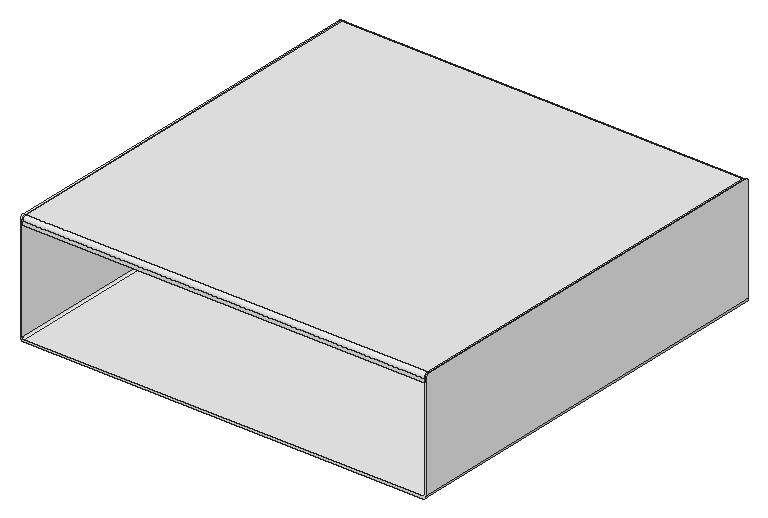
Revit family "HighTower_Tombolo_Cubby", category Furniture, Revit 2015
Parameters
  Width = 2' - 2"  # constant formula
  URL = "www.hightoweraccess.com"
  Top [instance] = Furniture - HIGH TOWER - Tombolo - Top
  Partition [instance] = Furniture - HIGH TOWER - Tombolo - Partition
  Table Body [instance] = Furniture - HIGH TOWER - Tombolo - Table Body
  Product URL = ""
  Model = "HT3647"
  Manufacturer = "HighTower"
  Height = 1' - 5 19/128"  # constant formula
  Description = "Tombolo, Cubby"
  Depth = 2' - 2"  # constant formula
  Assembly Description = "Furniture & Accessories"
  Assembly Code = "E2020200"
Reference planes (in)
  plane 1: z = 0
  plane 2 "Center Left/Right": x = 0
  plane 3 "L": x = -13
  plane 4 "R": x = 13
  plane 5 "F": y = -13.7524
  plane 6: y = 12.2476
  plane 7: through (-6.25338, 2.33237, 23.38953) normal (0.4297, -0.4297, 0.7941)
  plane 8: z = 17.5
  plane 9: z = 10.4
  plane 10: y = -0.7524
  plane 11: y = 5.2476
  plane 12: z = 16.75
  plane 13: y = -13.5024
  plane 14: y = 11.9976
  plane 15: x = -12.75
  plane 16: x = 12.75
  plane 17: z = 10.75
  plane 18: y = -0.5624
Forms (in)
  Extrusion 1, solid, material "Furniture - HIGH TOWER - Tombolo - Top" <- "Top"
    sketch origin (0, 0, 0) x (0, 1, 0) y (0, 0, 1)
      loop
        line (11.7476, 17.5) -> (-13.2524, 17.5)
        arc (-13.2524, 17.5) -> (-13.42918, 17.42678) -> (-13.5024, 17.25) r 0.25
        line (-13.5024, 17.25) -> (-13.5024, 17) -> (-12.5024, 17) -> (-12.2524, 16.75) -> (11.9976, 16.75) -> (11.9976, 17.25)
        arc (11.9976, 17.25) -> (11.92438, 17.42678) -> (11.7476, 17.5) r 0.25
    from -12.75 to 12.75
  Extrusion 2, solid, material "Furniture - HIGH TOWER - Tombolo - Table Body" <- "Table Body"
    sketch origin (0, -0.7524, 0) x (1, 0, 0) y (0, 0, 1)
      loop
        line (-12.75, 17.5) -> (-12.875, 17.5) -> (-12.875, 10.65)
        arc (-12.875, 10.65) -> (-12.80178, 10.47322) -> (-12.625, 10.4) r 0.25
        line (-12.625, 10.4) -> (12.625, 10.4)
        arc (12.625, 10.4) -> (12.80178, 10.47322) -> (12.875, 10.65) r 0.25
        line (12.875, 10.65) -> (12.875, 17.5) -> (12.75, 17.5) -> (12.75, 10.65)
        arc (12.75, 10.65) -> (12.71339, 10.56161) -> (12.625, 10.525) r 0.125
        line (12.625, 10.525) -> (-12.625, 10.525)
        arc (-12.625, 10.525) -> (-12.71339, 10.56161) -> (-12.75, 10.65) r 0.125
        line (-12.75, 10.65) -> (-12.75, 17.5)
    from -12.75 to 12.75
  Extrusion 3, solid, material "Furniture - HIGH TOWER - Tombolo - Partition" <- "Partition"
    sketch origin (0, 0, 28) x (-1, 0, 0) y (0, -1, 0)
      loop
        line (-12.75, 0.5624) -> (0, 0.5624) -> (0, 0.6324) -> (-12.75, 0.6324) -> (-12.75, 0.5624)
    from -17.475 to -11.25
  Extrusion 4, solid, material "Furniture - HIGH TOWER - Tombolo - Top" <- "Top"
    sketch origin (0, 0, 0) x (0, 1, 0) y (0, 0, 1)
      loop
        line (11.9976, 10.525) -> (11.9976, 16.75) -> (11.4976, 16.75) -> (11.4976, 10.525) -> (11.9976, 10.525)
    from -12.75 to 12.75
  Extrusion 5, void
    sketch origin (0, 0, 0) x (0, 1, 0) y (0, 0, 1)
      loop
        arc (11.9976, 17.25) -> (12.17438, 17.67678) -> (11.7476, 17.5) r 0.25
        arc (11.7476, 17.5) -> (11.92438, 17.42678) -> (11.9976, 17.25) r 0.25
      loop
        arc (-13.5024, 17.25) -> (-13.42918, 17.42678) -> (-13.2524, 17.5) r 0.25
        arc (-13.2524, 17.5) -> (-13.67918, 17.67678) -> (-13.5024, 17.25) r 0.25
    from -13 to 13
Cuts and joins
  Extrusion 5 cuts Extrusion 1
  Extrusion 5 cuts Extrusion 2
Dimensions and locks (in)
  equal spacing: plane 3 "L", plane 2 "Center Left/Right", plane 4 "R"
  "Width": plane 3 "L" to plane 4 "R"
  "Depth": plane 6 to plane 5 "F"
  locked: plane 9 to level at 10.4
  equal spacing: plane 6, plane 10, plane 5 "F"
  locked: plane 16 to plane 4 "R" at 0.25
  locked: plane 15 to plane 3 "L" at 0.25
  aligned and locked: Extrusion 1 to plane 15
  aligned and locked: Extrusion 1 to plane 16
  aligned and locked: Extrusion 3 to plane 2 "Center Left/Right"
  aligned and locked: Extrusion 5 to plane 3 "L"
  aligned and locked: Extrusion 5 to plane 4 "R"
Automatic sketch dimensions
  Extrusion 2 sketch curve to Extrusion 2 sketch curve = 0' - 0"  (x4)
  Extrusion 2 sketch curve to plane 8 = 0' - 0"  (x2)
  Extrusion 2 sketch curve to plane 15 = 0' - 0"
  Extrusion 2 sketch curve to plane 9 = 0' - 0"
  plane 16 to Extrusion 2 sketch curve = 0' - 0"
  Extrusion 2 sketch curve to plane 17 = 0' - 0.1"  (x2)
  Extrusion 2 sketch curve to Extrusion 2 sketch curve = 0' - 0 1/8"
  Extrusion 3 sketch curve to plane 16 = 0' - 0"
  Extrusion 3 sketch curve to plane 2 "Center Left/Right" = 0' - 0"
  plane 18 to Extrusion 3 sketch curve = 0' - 0"
  Extrusion 3 sketch curve to Extrusion 3 sketch curve = 0' - 0.07"
  Extrusion 1 sketch curve to plane 13 = 0' - 0"
  Extrusion 1 sketch curve to plane 8 = 0' - 0"
  Extrusion 1 sketch curve to plane 12 = 0' - 0"
  Extrusion 1 sketch curve to plane 14 = 0' - 0"
  plane 13 to Extrusion 1 sketch curve = 0' - 0 1/4"
  plane 12 to Extrusion 1 sketch curve = 0' - 0 1/4"
  Extrusion 1 sketch curve to Extrusion 1 sketch curve = 0' - 0 3/4"
  Extrusion 1 sketch curve to Extrusion 1 sketch curve = 0' - 0 1/4"
  plane 14 to Extrusion 1 sketch curve = 0' - 0 1/4"
  Extrusion 4 sketch curve to plane 12 = 0' - 0"
  Extrusion 4 sketch curve to plane 14 = 0' - 0"
  Extrusion 4 sketch curve to Extrusion 4 sketch curve = 0' - 0 1/2"
  plane 9 to Extrusion 4 sketch curve = 0' - 0 1/8"
  Extrusion 5 sketch curve to plane 8 = 0' - 0"  (x2)
  Extrusion 5 sketch curve to plane 14 = 0' - 0"
  Extrusion 5 sketch curve to Extrusion 5 sketch curve = 0' - 0 1/4"  (x2)
  plane 13 to Extrusion 5 sketch curve = 0' - 0 1/4"
